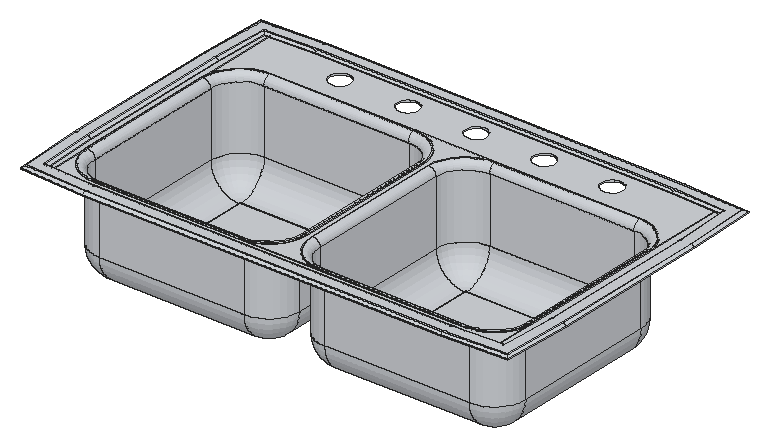
Revit family "LRAD291860", category Plumbing Fixtures, Revit 2016
Family settings
  Part Type = Normal
  Round Connector Dimension = Use Diameter
  OmniClass Number = 23.45.05.14.14
  OmniClass Title = Sinks/Lavatories
  Work Plane-Based = No
  Always vertical = Yes
  Cut with Voids When Loaded = No
  Shared = No
  Room Calculation Point = No
Parameters (values of type "LRAD2918605")
  URL = "www.elkayusa.com"
  Specification Sheet URL = "http://www.elkayusa.com/cps/rde/xbcr/elkay/01-62H_LR(Q)_LRAD(Q)_Double_Bowl.pdf"
  Sink Width = 1' - 6"  # constant formula
  Sink Material = none
  Sink Length = 2' - 5"  # constant formula
  Sink Ledge Sides Width = 0' - 1 7/8"  # constant formula
  Sink Ledge Front Width = 0' - 1 3/4"  # constant formula
  Sink Ledge Back Width = 0' - 4 1/4"  # constant formula
  Sink Depth = 0' - 6"  # constant formula
  Sink Bowl Formula = ((Sink Length - Sink Ledge Sides Width - Sink Ledge Sides Width - Partition Width) / 2)  # 1' - 0"
  Partition Width = 0' - 1 1/4"  # constant formula
  Model = "LR3321"
  Minimum Cabinet Width = "33\""
  Manufacturer = "Elkay Manufacturing"
  Installation Sheet URL = "http://www.elkayusa.com/cps/rde/xbcr/elkay/74180147.pdf"
  Hole 5 Top = 0' - 2"
  Hole 4 Top = 0' - 2"
  Hole 3 Top = 0' - 2"
  Hole 2 Top = 0' - 2"
  Hole 1 to 6 = 1' - 6"
  Hole 1 to 8 = 2' - 0"
  Hole 1 to 7 = 1' - 9"
  Hole 1 to 5 = 1' - 4"
  Hole 1 to 4 = 1' - 0"
  Hole 1 to 3 = 0' - 8"
  Hole 1 to 2 = 0' - 4"
  Hole 1 from CL = 0' - 8"
  Hole 1 Top = 0' - 2"
  Faucet Hole CL = 0' - 2 1/4"  # constant formula
  Drain Location = 0' - 6"  # constant formula
  Description = "Lustertone Double Bowl Sink"
  Deep Specification Sheet URL = "http://www.elkayusa.com/cps/rde/xbcr/elkay/01-19G_DLR(Q)_Double_Bowl.pdf"
  Custom Bowl = no
  Custom Bowl Length = ((Sink Length - Sink Ledge Sides Width - Sink Ledge Sides Width - Partition Width) / 2) - CL Sink to CL Partition  # 1' - 0"
  CL Sink to CL Partition = 0' - 0"
  Bowl Length = ((Sink Length - Sink Ledge Sides Width - Sink Ledge Sides Width - Partition Width) / 2)  # 1' - 0"
  Left Bowl Length = if(Custom Bowl, Custom Bowl Length, Sink Bowl Formula)  # 1' - 0"
  2D Hole 5 = Hole 5 Top = 0' 2"  # yes
  2D Hole 4 = Hole 4 Top = 0' 2"  # yes
  2D Hole 3 = Hole 3 Top = 0' 2"  # yes
  2D Hole 2 = Hole 2 Top = 0' 2"  # yes
  2D Hole 1 = Hole 1 Top = 0' 2"  # yes
Types (6): name | Hole 5 Top | Hole 4 Top | Hole 3 Top | Hole 2 Top | Hole 1 to 5 | Hole 1 from CL | 2D Hole 5 | 2D Hole 4 | 2D Hole 3 | 2D Hole 2
  LRAD2918605 | 0' - 2" | 0' - 2" | 0' - 2" | 0' - 2" | 1' - 4" | 0' - 8" | yes | yes | yes | yes
  LRAD2918604 | 0' - 1 1/2" | 0' - 2" | 0' - 2" | 0' - 2" | 1' - 3" | 0' - 4" | no | yes | yes | yes
  LRAD2918603 | 0' - 1 1/2" | 0' - 1 1/2" | 0' - 2" | 0' - 2" | 1' - 3" | 0' - 4" | no | no | yes | yes
  LRAD291860MR2 | 0' - 1 1/2" | 0' - 1 1/2" | 0' - 1 1/2" | 0' - 2" | 1' - 3" | 0' - 0" | no | no | no | yes
  LRAD2918602 | 0' - 1 1/2" | 0' - 1 1/2" | 0' - 1 1/2" | 0' - 2" | 1' - 3" | 0' - 2" | no | no | no | yes
  LRAD2918601 | 0' - 1 1/2" | 0' - 1 1/2" | 0' - 1 1/2" | 0' - 1 1/2" | 1' - 3" | 0' - 0" | no | no | no | no
Reference planes (in)
  plane 1 "CL Sink Hole": y = 0
  plane 2 "Rim Top Outside Corner": z = 0.0015695
  plane 3 "Center (Left/Right)": x = 0
  plane 4 "Basin Edge Left": x = -12.625
  plane 5 "Basin Edge Right": x = 12.625
  plane 6 "Basin Edge Back": y = 6
  plane 7 "Basin Edge Front": y = -6
  plane 8 "Left": x = -14.5
  plane 9 "Right": x = 14.5
  plane 10 "Back": y = 10.25
  plane 11 "Front": y = -7.75
  plane 12 "Sink Angle Back Corner": y = 10.0792275
  plane 13 "Sink Angle Right Corner": x = 14.3267866
  plane 14 "Sink Angle Right": x = 10.5172067
  plane 15 "Sink Angle Back": y = 5.9648437
  plane 16 "Sink Angle Left": x = -10.515625
  plane 17 "Sink Angle Left Corner": x = -14.328125
  plane 18 "Sink Angle Front Corner": y = -7.578125
  plane 19 "Sink Angle Front": y = -3.4648438
  plane 20 "Sink Top Face Back Edge": y = 9.2219509
  plane 21 "Sink Top Face Front Edge": y = -6.7226563
  plane 22 "Sink Top Face Right Edge": x = 13.0976563
  plane 23 "Sink Top Face Left Edge": x = -13.0976563
  plane 24 "Sink Bowl Bottom (Top Face)": z = -5.8945312
  plane 25 "Faucet CL": y = 8
  plane 26 "Sink Top Piece Top Face": z = -0.0194305
  plane 27 "Sink Top Piece Bottom Face": z = -0.0819305
  plane 28 "Left Sink Bottom Piece Right Edge": x = -2.3125
  plane 29 "Top Void for Radius Back Edge": y = 3.5
  plane 30 "back ledge void radius": y = 6.4921875
  plane 31 "front ledge void radius": y = -6.4921875
  plane 32 "Top Radius Corner Prot": z = -0.4405305
  plane 33: z = -4.2070312
  plane 34 "Sink Bowl Bottom (Bottom Face)": z = -5.9570312
  plane 35 "Left Sink Bottom Piece Left Edge": x = -10.9375
  plane 36 "Sink Bottom Piece Right Edge": x = 10.9375
  plane 37 "Sink Bottom Piece Back Edge": y = 4.3125
  plane 38 "Sink Bottom Piece Front Edge": y = -4.3125
  plane 39 "Top Void for Radius Front Edge": y = -3
  plane 40 "Sink Top Locked Edge Right": x = 13.5625
  plane 41 "Sink Top Locked Edge Left": x = -13.5625
  plane 42 "Hole 1": x = -8
  plane 43 "Hole 2": x = -4
  plane 44 "Hole 3": x = 0
  plane 45 "Hole 4": x = 4
  plane 46 "Hole 5": x = 8
  plane 47 "Faucet Hole Void Bottoms": z = -1.9984305
  plane 48 "Hole 1 Top": z = 0.0015695
  plane 49 "Hole 2 Top": z = 0.0015695
  plane 50 "Hole 3 Top": z = 0.0015695
  plane 51 "Hole 4 Top": z = 0.0015695
  plane 52 "Hole 5 Top": z = 0.0015695
  plane 53 "Top": z = 0.1054687
  plane 54 "Insertion Plan for Sink - Bottom Outside Corner of Rim": z = -0.0524008
  plane 55 "Center (Front/Back)": y = 0
  plane 56 "CL PARTITION": x = 0
  plane 57 "LEFT BOWL RIGHT EDGE": x = -0.625
  plane 58 "RIGHT BOWL LEFT EDGE": x = 0.625
  plane 59 "Sink Bottom Piece Left Edge": x = 2.3125
  plane 60 "Left Bowl CL Drain": x = -6.625
  plane 61 "Right Bowl CL Drain": x = 6.625
  plane 62 "Left Partition Left Edge": x = -0.1328125
  plane 63 "Left Partition Right Edge": x = 0.1328125
Forms (in)
  Sweep 1, solid, material <- "Sink Material"
    path origin (0, 0, 0) x (1, 0, 0) y (0, 1, 0)
      loop
        line (10.5172067, 10.25) -> (-10.515625, 10.25) -> (-14.328125, 10.0792275) -> (-14.5, 5.9648437) -> (-14.5, -3.4648438) -> (-14.328125, -7.578125) -> (-10.515625, -7.75) -> (10.5172067, -7.75) -> (14.3267866, -7.578125) -> (14.5, -3.4648438) -> (14.5, 5.9648437) -> (14.3267866, 10.0792275) -> (10.5172067, 10.25)
    profile "profile-elkay-sink-rim-1 : profile-elkay-sink-rim-1" origin (0.0007909, 10.25, 0) x (0, -1, 0) y (0, 0, 1)
      loop
        line (0, 0) -> (0, -0.0524008) -> (0.2039181, 0.0577989) -> (0.8052651, 0.0577989) -> (1.0074493, -0.0709913) -> (1.0074493, -0.0163327) -> (0.841093, 0.0896347)
        arc (0.841093, 0.0896347) -> (0.8176388, 0.1002604) -> (0.7921483, 0.1038992) r 0.091102
        line (0.7921483, 0.1038992) -> (0.2153023, 0.1038992)
        arc (0.2153023, 0.1038992) -> (0.1929626, 0.1011179) -> (0.1719868, 0.0929438) r 0.0911081
        line (0.1719868, 0.0929438) -> (0, 0)
  Extrusion 2, solid, material <- "Sink Material"
    sketch origin (0, 0, 0) x (1, 0, 0) y (0, 1, 0)
      loop
        line (-13.0976563, 9.2219509) -> (-13.0976563, 3.5) -> (13.0976563, 3.5) -> (13.0976563, 9.2219509) -> (-13.0976563, 9.2219509)
    from -0.0819305 to -0.0194305
  Extrusion 3, void
    sketch origin (0, 0, 0) x (1, 0, 0) y (0, 1, 0)
      loop
        line (13.0976563, 3.5) -> (13.0976563, 4.1441505)
        arc (13.0976563, 4.1441505) -> (12.4099322, 5.8044634) -> (10.7496193, 6.4921875) r 2.348037
        line (10.7496193, 6.4921875) -> (-10.75, 6.4921875)
        arc (-10.75, 6.4921875) -> (-12.4100437, 5.8045749) -> (-13.0976563, 4.1445312) r 2.3476562
        line (-13.0976563, 4.1445312) -> (-13.0976563, 3.5) -> (13.0976563, 3.5)
    from -0.7469965 to 0.495879
  Extrusion 4, solid, material <- "Sink Material"
    sketch origin (0, 0, 0) x (1, 0, 0) y (0, 1, 0)
      loop
        line (-13.0976563, -3.4648438) -> (-13.0976563, -6.7226563) -> (13.0976563, -6.7226563) -> (13.0976563, -3.4648438) -> (-13.0976563, -3.4648438)
    from -0.0819305 to -0.0194305
  Extrusion 5, void
    sketch origin (0, 0, 0) x (1, 0, 0) y (0, 1, 0)
      loop
        line (-13.0976563, -3) -> (-13.0976563, -4.2107599)
        arc (-13.0976563, -4.2107599) -> (-12.4294416, -5.8239728) -> (-10.8162287, -6.4921875) r 2.2814276
        line (-10.8162287, -6.4921875) -> (10.8164063, -6.4921875)
        arc (10.8164063, -6.4921875) -> (12.4294936, -5.8240248) -> (13.0976563, -4.2109375) r 2.28125
        line (13.0976563, -4.2109375) -> (13.0976563, -3) -> (-13.0976563, -3)
    from -1.9984305 to 0.6466859
  Extrusion 6, solid, material <- "Sink Material"
    sketch origin (0, 0, 0) x (1, 0, 0) y (0, 1, 0)
      loop
        line (-13.5625, 9.2219509) -> (-13.5625, -6.7226563) -> (-13.0976563, -6.7226563) -> (-13.0976563, 9.2219509) -> (-13.5625, 9.2219509)
    from -0.0819305 to -0.0194305
  Extrusion 7, solid, material <- "Sink Material"
    sketch origin (0, 0, 0) x (1, 0, 0) y (0, 1, 0)
      loop
        line (13.0976563, 9.2219509) -> (13.0976563, -6.7226563) -> (13.5625, -6.7226563) -> (13.5625, 9.2219509) -> (13.0976563, 9.2219509)
    from -0.0819305 to -0.0194305
  Sweep 8, solid, material <- "Sink Material"
    path origin (-14.75, 0, -0.0194305) x (-1, 0, 0) y (0, -1, 0)
      loop
        line (-12.375, -6) -> (-3.875, -6)
        arc (-3.875, -6) -> (-2.6375631, -5.4874369) -> (-2.125, -4.25) r 1.75
        line (-2.125, -4.25) -> (-2.125, 4.25)
        arc (-2.125, 4.25) -> (-2.6375631, 5.4874369) -> (-3.875, 6) r 1.75
        line (-3.875, 6) -> (-12.375, 6)
        arc (-12.375, 6) -> (-13.6124369, 5.4874369) -> (-14.125, 4.25) r 1.75
        line (-14.125, 4.25) -> (-14.125, -4.25)
        arc (-14.125, -4.25) -> (-13.6124369, -5.4874369) -> (-12.375, -6) r 1.75
    profile "profile-elkay-sink-top corner : profile-elkay-sink-top corner" origin (-6.625, 6, -0.0194305) x (0, -1, 0) y (0, 0, 1)
      loop
        line (-0.4204811, 0) -> (-0.4921875, 0) -> (-0.4921875, -0.0461) -> (-0.4204811, -0.0461)
        arc (-0.4204811, -0.0461) -> (-0.1553161, -0.155935) -> (-0.0454811, -0.4211) r 0.375
        line (-0.0454811, -0.4211) -> (0.0006189, -0.4211)
        arc (0.0006189, -0.4211) -> (-0.1227185, -0.1233373) -> (-0.4204811, 0) r 0.4211
  Sweep 9, solid, material <- "Sink Material"
    path origin (-14.75, 0, -5.8945312) x (-1, 0, 0) y (0, -1, 0)
      loop
        line (-2.125, -4.25) -> (-2.125, 4.25)
        arc (-2.125, 4.25) -> (-2.6375631, 5.4874369) -> (-3.875, 6) r 1.75
        line (-3.875, 6) -> (-12.375, 6)
        arc (-12.375, 6) -> (-13.6124369, 5.4874369) -> (-14.125, 4.25) r 1.75
        line (-14.125, 4.25) -> (-14.125, -4.25)
        arc (-14.125, -4.25) -> (-13.6124369, -5.4874369) -> (-12.375, -6) r 1.75
        line (-12.375, -6) -> (-3.875, -6)
        arc (-3.875, -6) -> (-2.6375631, -5.4874369) -> (-2.125, -4.25) r 1.75
    profile "profile-elkay-sink-btm-crnr_1-6875 : profile-elkay-sink-btm-crnr_1-6875" origin (-12.625, 0, -5.8945312) x (1, 0, 0) y (0, 0, 1)
      loop
        line (1.6875, -0.0625) -> (1.6875, 0)
        arc (1.6875, 0) -> (0.4942573, 0.4942573) -> (0, 1.6875) r 1.6875
        line (0, 1.6875) -> (-0.0625, 1.6875)
        arc (-0.0625, 1.6875) -> (0.4500631, 0.4500631) -> (1.6875, -0.0625) r 1.75
  Extrusion 10, solid, material <- "Sink Material"
    sketch origin (0, 0, 0) x (1, 0, 0) y (0, 1, 0)
      loop
        line (-10.9375, 4.3125) -> (-10.9375, -4.3125) -> (-2.3125, -4.3125) -> (-2.3125, 4.3125) -> (-10.9375, 4.3125)
    from -5.9570312 to -5.8945312
  Extrusion 11, solid, material <- "Sink Material"
    sketch origin (-14.75, 0, 0) x (1, 0, 0) y (0, 1, 0)
      loop
        arc (3.875, 6) -> (2.6375631, 5.4874369) -> (2.125, 4.25) r 1.75
        line (2.125, 4.25) -> (2.125, -4.25)
        arc (2.125, -4.25) -> (2.6375631, -5.4874369) -> (3.875, -6) r 1.75
        line (3.875, -6) -> (12.375, -6)
        arc (12.375, -6) -> (13.6124369, -5.4874369) -> (14.125, -4.25) r 1.75
        line (14.125, -4.25) -> (14.125, 4.25)
        arc (14.125, 4.25) -> (13.6124369, 5.4874369) -> (12.375, 6) r 1.75
        line (12.375, 6) -> (3.875, 6)
      loop
        arc (3.875, 6.0625) -> (2.593369, 5.531631) -> (2.0625, 4.25) r 1.8125
        line (2.0625, 4.25) -> (2.0625, -4.25)
        arc (2.0625, -4.25) -> (2.593369, -5.531631) -> (3.875, -6.0625) r 1.8125
        line (3.875, -6.0625) -> (12.375, -6.0625)
        arc (12.375, -6.0625) -> (13.656631, -5.531631) -> (14.1875, -4.25) r 1.8125
        line (14.1875, -4.25) -> (14.1875, 4.25)
        arc (14.1875, 4.25) -> (13.656631, 5.531631) -> (12.375, 6.0625) r 1.8125
        line (12.375, 6.0625) -> (3.875, 6.0625)
    from -4.2070312 to -0.4405305
  Extrusion 12, void
    sketch origin (0, 0, 0) x (1, 0, 0) y (0, 1, 0)
      loop
        circle (-6.625, 0) r 2.5
    from -5.9570312 to -5.8320312
  Sweep 13, solid, material <- "Sink Material"
    path origin (-14.75, 0, -5.8945312) x (-1, 0, 0) y (0, -1, 0)
      loop
        circle (-8.125, 0) r 2.501635
    profile "profile-elkay-sink-hole-1 : profile-elkay-sink-hole-1" origin (-6.625, -2.501635, -5.8945312) x (0, 1, 0) y (0, 0, 1)
      loop
        line (0.5785343, -0.3269365) -> (0.1564602, -0.1343744)
        arc (0.1564602, -0.1343744) -> (0.1424945, -0.125589) -> (0.1313144, -0.1134552) r 0.0625
        line (0.1313144, -0.1134552) -> (0.0881719, -0.0522605)
        arc (0.0881719, -0.0522605) -> (0.0506391, -0.015074) -> (0, 0) r 0.1086
        line (0, 0) -> (0, -0.0461763)
        arc (0, -0.0461763) -> (0.0262058, -0.0541921) -> (0.0464633, -0.0726482) r 0.0625
        line (0.0464633, -0.0726482) -> (0.093406, -0.1396891)
        arc (0.093406, -0.1396891) -> (0.1129384, -0.1609677) -> (0.1373891, -0.176345) r 0.1086
        line (0.1373891, -0.176345) -> (0.5785343, -0.3776079) -> (0.5785343, -0.3269365)
  Sweep 14, solid, material <- "Sink Material"
    path origin (14.75, 0, -0.0194305) x (-1, 0, 0) y (0, -1, 0)
      loop
        line (3.875, -6) -> (12.375, -6)
        arc (12.375, -6) -> (13.6124369, -5.4874369) -> (14.125, -4.25) r 1.75
        line (14.125, -4.25) -> (14.125, 4.25)
        arc (14.125, 4.25) -> (13.6124369, 5.4874369) -> (12.375, 6) r 1.75
        line (12.375, 6) -> (3.875, 6)
        arc (3.875, 6) -> (2.6375631, 5.4874369) -> (2.125, 4.25) r 1.75
        line (2.125, 4.25) -> (2.125, -4.25)
        arc (2.125, -4.25) -> (2.6375631, -5.4874369) -> (3.875, -6) r 1.75
    profile "profile-elkay-sink-top corner : profile-elkay-sink-top corner" origin (6.625, 6, -0.0194305) x (0, -1, 0) y (0, 0, 1)
      loop
        line (-0.4204811, 0) -> (-0.4921875, 0) -> (-0.4921875, -0.0461) -> (-0.4204811, -0.0461)
        arc (-0.4204811, -0.0461) -> (-0.1553161, -0.155935) -> (-0.0454811, -0.4211) r 0.375
        line (-0.0454811, -0.4211) -> (0.0006189, -0.4211)
        arc (0.0006189, -0.4211) -> (-0.1227185, -0.1233373) -> (-0.4204811, 0) r 0.4211
  Sweep 15, solid, material <- "Sink Material"
    path origin (14.75, 0, -5.8945312) x (-1, 0, 0) y (0, -1, 0)
      loop
        line (14.125, -4.25) -> (14.125, 4.25)
        arc (14.125, 4.25) -> (13.6124369, 5.4874369) -> (12.375, 6) r 1.75
        line (12.375, 6) -> (3.875, 6)
        arc (3.875, 6) -> (2.6375631, 5.4874369) -> (2.125, 4.25) r 1.75
        line (2.125, 4.25) -> (2.125, -4.25)
        arc (2.125, -4.25) -> (2.6375631, -5.4874369) -> (3.875, -6) r 1.75
        line (3.875, -6) -> (12.375, -6)
        arc (12.375, -6) -> (13.6124369, -5.4874369) -> (14.125, -4.25) r 1.75
    profile "profile-elkay-sink-btm-crnr_1-6875 : profile-elkay-sink-btm-crnr_1-6875" origin (0.625, 0, -5.8945312) x (1, 0, 0) y (0, 0, 1)
      loop
        line (1.6875, -0.0625) -> (1.6875, 0)
        arc (1.6875, 0) -> (0.4942573, 0.4942573) -> (0, 1.6875) r 1.6875
        line (0, 1.6875) -> (-0.0625, 1.6875)
        arc (-0.0625, 1.6875) -> (0.4500631, 0.4500631) -> (1.6875, -0.0625) r 1.75
  Extrusion 16, solid, material <- "Sink Material"
    sketch origin (14.75, 0, 0) x (1, 0, 0) y (0, 1, 0)
      loop
        arc (-12.375, 6) -> (-13.6124369, 5.4874369) -> (-14.125, 4.25) r 1.75
        line (-14.125, 4.25) -> (-14.125, -4.25)
        arc (-14.125, -4.25) -> (-13.6124369, -5.4874369) -> (-12.375, -6) r 1.75
        line (-12.375, -6) -> (-3.875, -6)
        arc (-3.875, -6) -> (-2.6375631, -5.4874369) -> (-2.125, -4.25) r 1.75
        line (-2.125, -4.25) -> (-2.125, 4.25)
        arc (-2.125, 4.25) -> (-2.6375631, 5.4874369) -> (-3.875, 6) r 1.75
        line (-3.875, 6) -> (-12.375, 6)
      loop
        arc (-12.375, 6.0625) -> (-13.656631, 5.531631) -> (-14.1875, 4.25) r 1.8125
        line (-14.1875, 4.25) -> (-14.1875, -4.25)
        arc (-14.1875, -4.25) -> (-13.656631, -5.531631) -> (-12.375, -6.0625) r 1.8125
        line (-12.375, -6.0625) -> (-3.875, -6.0625)
        arc (-3.875, -6.0625) -> (-2.593369, -5.531631) -> (-2.0625, -4.25) r 1.8125
        line (-2.0625, -4.25) -> (-2.0625, 4.25)
        arc (-2.0625, 4.25) -> (-2.593369, 5.531631) -> (-3.875, 6.0625) r 1.8125
        line (-3.875, 6.0625) -> (-12.375, 6.0625)
    from -4.2070312 to -0.4405305
  Extrusion 17, solid, material <- "Sink Material"
    sketch origin (0, 0, 0) x (1, 0, 0) y (0, 1, 0)
      loop
        line (2.3125, 4.3125) -> (2.3125, -4.3125) -> (10.9375, -4.3125) -> (10.9375, 4.3125) -> (2.3125, 4.3125)
    from -5.9570312 to -5.8945312
  Extrusion 18, void
    sketch origin (0, 0, 0) x (1, 0, 0) y (0, 1, 0)
      loop
        circle (6.625, 0) r 2.5
    from -5.9570312 to -4.2070312
  Sweep 19, solid, material <- "Sink Material"
    path origin (14.75, 0, -5.8945312) x (-1, 0, 0) y (0, -1, 0)
      loop
        circle (8.125, 0) r 2.501635
    profile "profile-elkay-sink-hole-1 : profile-elkay-sink-hole-1" origin (6.625, -2.501635, -5.8945312) x (0, 1, 0) y (0, 0, 1)
      loop
        line (0.5785343, -0.3269365) -> (0.1564602, -0.1343744)
        arc (0.1564602, -0.1343744) -> (0.1424945, -0.125589) -> (0.1313144, -0.1134552) r 0.0625
        line (0.1313144, -0.1134552) -> (0.0881719, -0.0522605)
        arc (0.0881719, -0.0522605) -> (0.0506391, -0.015074) -> (0, 0) r 0.1086
        line (0, 0) -> (0, -0.0461763)
        arc (0, -0.0461763) -> (0.0262058, -0.0541921) -> (0.0464633, -0.0726482) r 0.0625
        line (0.0464633, -0.0726482) -> (0.093406, -0.1396891)
        arc (0.093406, -0.1396891) -> (0.1129384, -0.1609677) -> (0.1373891, -0.176345) r 0.1086
        line (0.1373891, -0.176345) -> (0.5785343, -0.3776079) -> (0.5785343, -0.3269365)
  Extrusion 20, void
    sketch origin (0, 0, 0) x (1, 0, 0) y (0, 1, 0)
      loop
        circle (-8, 8) r 0.625
    from -1.9984305 to 0.0015695
  Extrusion 21, void
    sketch origin (0, 0, 0) x (1, 0, 0) y (0, 1, 0)
      loop
        circle (-4, 8) r 0.625
    from -1.9984305 to 0.0015695
  Extrusion 22, void
    sketch origin (0, 0, 0) x (1, 0, 0) y (0, 1, 0)
      loop
        circle (0, 8) r 0.625
    from -1.9984305 to 0.0015695
  Extrusion 23, void
    sketch origin (0, 0, 0) x (1, 0, 0) y (0, 1, 0)
      loop
        circle (4, 8) r 0.625
    from -1.9984305 to 0.0015695
  Extrusion 24, void
    sketch origin (0, 0, 0) x (1, 0, 0) y (0, 1, 0)
      loop
        circle (8, 8) r 0.625
    from -1.9984305 to 0.0015695
  Extrusion 25, solid, material <- "Sink Material"
    sketch origin (0, 0, 0) x (1, 0, 0) y (0, 1, 0)
      loop
        arc (-2.375, 6.4921875) -> (-0.789534, 5.835466) -> (-0.1328125, 4.25) r 2.2421875
        line (-0.1328125, 4.25) -> (-0.1328125, -4.25)
        arc (-0.1328125, -4.25) -> (-0.789534, -5.835466) -> (-2.375, -6.4921875) r 2.2421875
        line (-2.375, -6.4921875) -> (2.375, -6.4921875)
        arc (2.375, -6.4921875) -> (0.789534, -5.835466) -> (0.1328125, -4.25) r 2.2421875
        line (0.1328125, -4.25) -> (0.1328125, 4.25)
        arc (0.1328125, 4.25) -> (0.789534, 5.835466) -> (2.375, 6.4921875) r 2.2421875
        line (2.375, 6.4921875) -> (-2.375, 6.4921875)
    from -0.0819305 to -0.0194305
Cuts and joins
  Extrusion 3, Extrusion 12, Extrusion 18, Extrusion 20, Extrusion 21, Extrusion 22, Extrusion 23, Extrusion 24 cuts Sweep 1
  Extrusion 3, Extrusion 20, Extrusion 21, Extrusion 22, Extrusion 23, Extrusion 24 cuts Extrusion 2
  Extrusion 5 cuts Extrusion 4
  Extrusion 12 cuts Extrusion 10
  Extrusion 18 cuts Extrusion 17
Lines and regions (in)
  reference lines
    curve 1: line (10.5172067, 10.25, 0) -> (14.3267866, 10.0792275, 0)
    curve 2: line (14.3267866, 10.0792275, 0) -> (14.5, 5.9648437, 0)
    curve 3: line (-10.515625, 10.25, 0) -> (-14.328125, 10.0792275, 0)
    curve 4: line (-14.328125, 10.0792275, 0) -> (-14.5, 5.9648437, 0)
    curve 5: line (-14.5, -3.4648438, 0) -> (-14.328125, -7.578125, 0)
    curve 6: line (-14.328125, -7.578125, 0) -> (-10.515625, -7.75, 0)
    curve 7: line (14.5, -3.4648438, 0) -> (14.3267866, -7.578125, 0)
    curve 8: line (14.3267866, -7.578125, 0) -> (10.5172067, -7.75, 0)
Dimensions and locks (in)
  "Sink Ledge Sides Width": plane 8 "Left" to plane 4 "Basin Edge Left"
  "Sink Ledge Sides Width": plane 5 "Basin Edge Right" to plane 9 "Right"
  "Sink Length": plane 8 "Left" to plane 9 "Right"
  "Drain Location": plane 6 "Basin Edge Back" to plane 1 "CL Sink Hole"
  "Sink Ledge Back Width": plane 10 "Back" to plane 6 "Basin Edge Back"
  "Sink Ledge Front Width": plane 7 "Basin Edge Front" to plane 11 "Front"
  locked: plane 13 "Sink Angle Right Corner" to plane 9 "Right" at 0.1732134
  locked: plane 10 "Back" to plane 12 "Sink Angle Back Corner" at 0.1707725
  locked: plane 14 "Sink Angle Right" to plane 9 "Right" at 3.9827933
  locked: plane 10 "Back" to plane 15 "Sink Angle Back" at 4.2851562
  locked: plane 8 "Left" to plane 17 "Sink Angle Left Corner" at 0.171875
  locked: plane 8 "Left" to plane 16 "Sink Angle Left" at 3.984375
  locked: plane 18 "Sink Angle Front Corner" to plane 11 "Front" at 0.171875
  locked: plane 19 "Sink Angle Front" to plane 11 "Front" at 4.2851562
  "Sink Width": plane 10 "Back" to plane 11 "Front"
  locked: plane 10 "Back" to plane 20 "Sink Top Face Back Edge" at 1.0280491
  locked: plane 21 "Sink Top Face Front Edge" to plane 11 "Front" at 1.0273438
  locked: plane 23 "Sink Top Face Left Edge" to plane 4 "Basin Edge Left" at 0.4726562
  "Sink Depth": plane 53 "Top" to plane 24 "Sink Bowl Bottom (Top Face)"
  "Faucet Hole CL": plane 10 "Back" to plane 25 "Faucet CL"
  locked: plane 2 "Rim Top Outside Corner" to plane 26 "Sink Top Piece Top Face" at 0.021
  locked: plane 26 "Sink Top Piece Top Face" to plane 27 "Sink Top Piece Bottom Face" at 0.0625
  locked: plane 6 "Basin Edge Back" to plane 29 "Top Void for Radius Back Edge" at 2.5
  locked: plane 30 "back ledge void radius" to plane 29 "Top Void for Radius Back Edge" at 2.9921875
  locked: plane 39 "Top Void for Radius Front Edge" to plane 31 "front ledge void radius" at 3.4921875
  locked: plane 2 "Rim Top Outside Corner" to plane 32 "Top Radius Corner Prot" at 0.4421
  locked: plane 33 to plane 24 "Sink Bowl Bottom (Top Face)" at 1.6875
  locked: plane 24 "Sink Bowl Bottom (Top Face)" to plane 34 "Sink Bowl Bottom (Bottom Face)" at 0.0625
  locked: plane 38 "Sink Bottom Piece Front Edge" to plane 7 "Basin Edge Front" at 1.6875
  locked: plane 4 "Basin Edge Left" to plane 35 "Left Sink Bottom Piece Left Edge" at 1.6875
  locked: plane 36 "Sink Bottom Piece Right Edge" to plane 5 "Basin Edge Right" at 1.6875
  locked: plane 6 "Basin Edge Back" to plane 37 "Sink Bottom Piece Back Edge" at 1.6875
  locked: plane 39 "Top Void for Radius Front Edge" to plane 7 "Basin Edge Front" at 3
  locked: plane 5 "Basin Edge Right" to plane 22 "Sink Top Face Right Edge" at 0.4726562
  locked: Extrusion 3 sketch curve to plane 5 "Basin Edge Right" at 1.8753807
  locked: plane 6 "Basin Edge Back" to Extrusion 3 sketch curve at 1.8558495
  locked: plane 4 "Basin Edge Left" to Extrusion 3 sketch curve at 1.875
  locked: plane 6 "Basin Edge Back" to Extrusion 3 sketch curve at 1.8554688
  locked: plane 4 "Basin Edge Left" to Extrusion 5 sketch curve at 1.8087713
  locked: Extrusion 5 sketch curve to plane 5 "Basin Edge Right" at 1.8085938
  locked: Extrusion 5 sketch curve to plane 7 "Basin Edge Front" at 1.7892401
  locked: Extrusion 5 sketch curve to plane 7 "Basin Edge Front" at 1.7890625
  locked: plane 40 "Sink Top Locked Edge Right" to plane 9 "Right" at 0.9375
  locked: plane 8 "Left" to plane 41 "Sink Top Locked Edge Left" at 0.9375
  "Hole 1 from CL": plane 42 "Hole 1" to plane 3 "Center (Left/Right)"
  "Hole 1 to 2": plane 42 "Hole 1" to plane 43 "Hole 2"
  "Hole 1 to 3": plane 42 "Hole 1" to plane 44 "Hole 3"
  "Hole 1 to 4": plane 42 "Hole 1" to plane 45 "Hole 4"
  "Hole 1 to 5": plane 42 "Hole 1" to plane 46 "Hole 5"
  locked: plane 2 "Rim Top Outside Corner" to plane 47 "Faucet Hole Void Bottoms" at 2
  "Hole 1 Top": plane 48 "Hole 1 Top" to plane 47 "Faucet Hole Void Bottoms"
  "Hole 2 Top": plane 49 "Hole 2 Top" to plane 47 "Faucet Hole Void Bottoms"
  "Hole 3 Top": plane 50 "Hole 3 Top" to plane 47 "Faucet Hole Void Bottoms"
  "Hole 4 Top": plane 51 "Hole 4 Top" to plane 47 "Faucet Hole Void Bottoms"
  "Hole 5 Top": plane 52 "Hole 5 Top" to plane 47 "Faucet Hole Void Bottoms"
  locked: plane 53 "Top" to plane 2 "Rim Top Outside Corner" at 0.1038992
  locked: plane 53 "Top" to plane 54 "Insertion Plan for Sink - Bottom Outside Corner of Rim" at 0.1578695
  equal spacing: plane 6 "Basin Edge Back", plane 55 "Center (Front/Back)", plane 7 "Basin Edge Front"
  locked: plane 28 "Left Sink Bottom Piece Right Edge" to plane 57 "LEFT BOWL RIGHT EDGE" at 1.6875
  locked: plane 58 "RIGHT BOWL LEFT EDGE" to plane 59 "Sink Bottom Piece Left Edge" at 1.6875
  locked: plane 6 "Basin Edge Back" to Sweep 8 sketch curve at 1.75  (x2)
  locked: plane 4 "Basin Edge Left" to Sweep 8 sketch curve at 1.75  (x2)
  locked: Sweep 8 sketch curve to plane 57 "LEFT BOWL RIGHT EDGE" at 1.75  (x2)
  locked: Sweep 8 sketch curve to plane 7 "Basin Edge Front" at 1.75  (x2)
  equal spacing: plane 8 "Left", plane 3 "Center (Left/Right)", plane 9 "Right"
  equal spacing: plane 4 "Basin Edge Left", plane 60 "Left Bowl CL Drain", plane 57 "LEFT BOWL RIGHT EDGE"
  equal spacing: plane 58 "RIGHT BOWL LEFT EDGE", plane 61 "Right Bowl CL Drain", plane 5 "Basin Edge Right"
  locked: plane 4 "Basin Edge Left" to Sweep 9 sketch curve at 1.75  (x2)
  locked: Sweep 9 sketch curve to plane 57 "LEFT BOWL RIGHT EDGE" at 1.75  (x2)
  locked: plane 6 "Basin Edge Back" to Sweep 9 sketch curve at 1.75  (x2)
  locked: Sweep 9 sketch curve to plane 7 "Basin Edge Front" at 1.75  (x2)
  locked: plane 6 "Basin Edge Back" to Extrusion 11 sketch curve at 1.75  (x2)
  locked: plane 4 "Basin Edge Left" to Extrusion 11 sketch curve at 1.75  (x2)
  locked: Extrusion 11 sketch curve to plane 57 "LEFT BOWL RIGHT EDGE" at 1.75  (x2)
  locked: Extrusion 11 sketch curve to plane 7 "Basin Edge Front" at 1.75  (x2)
  locked: plane 58 "RIGHT BOWL LEFT EDGE" to Sweep 14 sketch curve at 1.75  (x2)
  locked: Sweep 14 sketch curve to plane 5 "Basin Edge Right" at 1.75  (x2)
  locked: plane 6 "Basin Edge Back" to Sweep 14 sketch curve at 1.75  (x2)
  locked: Sweep 14 sketch curve to plane 7 "Basin Edge Front" at 1.75  (x2)
  locked: Sweep 15 sketch curve to plane 5 "Basin Edge Right" at 1.75  (x2)
  locked: Sweep 15 sketch curve to plane 7 "Basin Edge Front" at 1.75  (x2)
  locked: plane 58 "RIGHT BOWL LEFT EDGE" to Sweep 15 sketch curve at 1.75  (x2)
  locked: plane 6 "Basin Edge Back" to Sweep 15 sketch curve at 1.75  (x2)
  locked: plane 58 "RIGHT BOWL LEFT EDGE" to Extrusion 16 sketch curve at 1.75  (x2)
  locked: Extrusion 16 sketch curve to plane 5 "Basin Edge Right" at 1.75  (x2)
  locked: Extrusion 16 sketch curve to plane 7 "Basin Edge Front" at 1.75  (x2)
  locked: plane 6 "Basin Edge Back" to Extrusion 16 sketch curve at 1.75  (x2)
  plane 8 "Left" to plane 42 "Hole 1" = 0' - 6 1/2"
  locked: Extrusion 25 sketch curve to plane 57 "LEFT BOWL RIGHT EDGE" at 1.75  (x2)
  locked: plane 6 "Basin Edge Back" to Extrusion 25 sketch curve at 1.75  (x2)
  locked: Extrusion 25 sketch curve to plane 31 "front ledge void radius" at 2.2421875  (x2)
  plane 62 "Left Partition Left Edge" to plane 56 "CL PARTITION" to plane 63 "Left Partition Right Edge" = 0' - 0 17/128" locked, 0' - 0 17/128" locked
  "CL Sink to CL Partition": plane 56 "CL PARTITION" to plane 3 "Center (Left/Right)"
  "Partition Width": plane 57 "LEFT BOWL RIGHT EDGE" to plane 58 "RIGHT BOWL LEFT EDGE"
  equal spacing: plane 57 "LEFT BOWL RIGHT EDGE", plane 56 "CL PARTITION", plane 58 "RIGHT BOWL LEFT EDGE"
  locked: plane 58 "RIGHT BOWL LEFT EDGE" to Extrusion 25 sketch curve at 1.75  (x2)
  aligned and locked: plane 9 "Right" to Sweep 1 sketch curve
  aligned and locked: plane 10 "Back" to Sweep 1 sketch curve
  aligned and locked: Sweep 1 sketch curve to plane 8 "Left"
  aligned and locked: Sweep 1 sketch curve to plane 11 "Front"
  aligned and locked: Sweep 1 sketch curve to curve 7
  aligned and locked: Sweep 1 sketch curve to curve 8
  aligned and locked: Sweep 1 sketch curve to curve 6
  aligned and locked: Sweep 1 sketch curve to curve 5
  aligned and locked: Sweep 1 sketch curve to curve 4
  aligned and locked: Sweep 1 sketch curve to curve 3
  aligned and locked: Sweep 1 sketch curve to curve 1
  aligned and locked: Sweep 1 sketch curve to curve 2
  aligned and locked: plane 29 "Top Void for Radius Back Edge" to Extrusion 2 sketch curve
  aligned and locked: plane 23 "Sink Top Face Left Edge" to Extrusion 2 sketch curve
  aligned and locked: Extrusion 2 sketch curve to plane 22 "Sink Top Face Right Edge"
  aligned and locked: Extrusion 2 sketch curve to plane 20 "Sink Top Face Back Edge"
  aligned and locked: Extrusion 2 to plane 27 "Sink Top Piece Bottom Face"
  aligned and locked: plane 23 "Sink Top Face Left Edge" to Extrusion 3 sketch curve
  aligned and locked: Extrusion 3 sketch curve to plane 22 "Sink Top Face Right Edge"
  aligned and locked: plane 29 "Top Void for Radius Back Edge" to Extrusion 3 sketch curve
  aligned and locked: plane 26 "Sink Top Piece Top Face" to Extrusion 2
  aligned and locked: plane 30 "back ledge void radius" to Extrusion 3 sketch curve
  aligned and locked: plane 23 "Sink Top Face Left Edge" to Extrusion 4 sketch curve
  aligned and locked: Extrusion 4 sketch curve to plane 19 "Sink Angle Front"
  aligned and locked: plane 21 "Sink Top Face Front Edge" to Extrusion 4 sketch curve
  aligned and locked: Extrusion 4 sketch curve to plane 22 "Sink Top Face Right Edge"
  aligned and locked: plane 26 "Sink Top Piece Top Face" to Extrusion 4
  aligned and locked: Extrusion 4 to plane 27 "Sink Top Piece Bottom Face"
  aligned and locked: Extrusion 5 sketch curve to plane 22 "Sink Top Face Right Edge"
  aligned and locked: plane 23 "Sink Top Face Left Edge" to Extrusion 5 sketch curve
  aligned and locked: plane 31 "front ledge void radius" to Extrusion 5 sketch curve
  aligned and locked: Extrusion 5 sketch curve to plane 39 "Top Void for Radius Front Edge"
  aligned and locked: plane 41 "Sink Top Locked Edge Left" to Extrusion 6 sketch curve
  aligned and locked: Extrusion 6 sketch curve to plane 23 "Sink Top Face Left Edge"
  aligned and locked: Extrusion 6 to plane 27 "Sink Top Piece Bottom Face"
  aligned and locked: plane 26 "Sink Top Piece Top Face" to Extrusion 6
  aligned and locked: plane 20 "Sink Top Face Back Edge" to Extrusion 6
  aligned and locked: Extrusion 6 to plane 21 "Sink Top Face Front Edge"
  aligned and locked: Extrusion 7 sketch curve to plane 20 "Sink Top Face Back Edge"
  aligned and locked: plane 22 "Sink Top Face Right Edge" to Extrusion 7 sketch curve
  aligned and locked: plane 21 "Sink Top Face Front Edge" to Extrusion 7 sketch curve
  aligned and locked: plane 40 "Sink Top Locked Edge Right" to Extrusion 7 sketch curve
  aligned and locked: plane 27 "Sink Top Piece Bottom Face" to Extrusion 7
  aligned and locked: plane 26 "Sink Top Piece Top Face" to Extrusion 7
  aligned and locked: Extrusion 5 to plane 47 "Faucet Hole Void Bottoms"
  aligned and locked: Sweep 8 sketch curve to plane 4 "Basin Edge Left"
  aligned and locked: Sweep 8 sketch curve to plane 57 "LEFT BOWL RIGHT EDGE"
  aligned and locked: Sweep 9 sketch curve to plane 57 "LEFT BOWL RIGHT EDGE"
  aligned and locked: Sweep 9 sketch curve to plane 6 "Basin Edge Back"
  aligned and locked: Sweep 9 sketch curve to plane 7 "Basin Edge Front"
  aligned and locked: plane 35 "Left Sink Bottom Piece Left Edge" to Extrusion 10 sketch curve
  aligned and locked: Extrusion 10 sketch curve to plane 28 "Left Sink Bottom Piece Right Edge"
  aligned and locked: plane 38 "Sink Bottom Piece Front Edge" to Extrusion 10 sketch curve
  aligned and locked: Extrusion 10 sketch curve to plane 37 "Sink Bottom Piece Back Edge"
  aligned and locked: Extrusion 10 to plane 34 "Sink Bowl Bottom (Bottom Face)"
  aligned and locked: plane 24 "Sink Bowl Bottom (Top Face)" to Extrusion 10
  aligned and locked: plane 4 "Basin Edge Left" to Extrusion 11 sketch curve
  aligned and locked: plane 7 "Basin Edge Front" to Extrusion 11 sketch curve
  aligned and locked: Extrusion 11 sketch curve to plane 57 "LEFT BOWL RIGHT EDGE"
  aligned and locked: Extrusion 11 sketch curve to plane 6 "Basin Edge Back"
  aligned and locked: plane 32 "Top Radius Corner Prot" to Extrusion 11
  aligned and locked: Extrusion 12 to plane 34 "Sink Bowl Bottom (Bottom Face)"
  aligned and locked: Sweep 14 sketch curve to plane 7 "Basin Edge Front"
  aligned and locked: Sweep 14 sketch curve to plane 5 "Basin Edge Right"
  aligned and locked: Sweep 14 sketch curve to plane 58 "RIGHT BOWL LEFT EDGE"
  aligned and locked: Sweep 15 sketch curve to plane 58 "RIGHT BOWL LEFT EDGE"
  aligned and locked: Sweep 15 sketch curve to plane 5 "Basin Edge Right"
  aligned and locked: Sweep 15 sketch curve to plane 7 "Basin Edge Front"
  aligned and locked: plane 32 "Top Radius Corner Prot" to Extrusion 16
  aligned and locked: plane 59 "Sink Bottom Piece Left Edge" to Extrusion 17 sketch curve
  aligned and locked: Extrusion 17 sketch curve to plane 36 "Sink Bottom Piece Right Edge"
  aligned and locked: plane 38 "Sink Bottom Piece Front Edge" to Extrusion 17 sketch curve
  aligned and locked: Extrusion 17 sketch curve to plane 37 "Sink Bottom Piece Back Edge"
  aligned: Extrusion 17 to plane 24 "Sink Bowl Bottom (Top Face)"
  aligned and locked: Extrusion 17 to plane 34 "Sink Bowl Bottom (Bottom Face)"
  aligned and locked: plane 24 "Sink Bowl Bottom (Top Face)" to Extrusion 17
  aligned and locked: Extrusion 18 to plane 34 "Sink Bowl Bottom (Bottom Face)"
  aligned and locked: plane 33 to Extrusion 18
  aligned and locked: plane 58 "RIGHT BOWL LEFT EDGE" to Extrusion 16 sketch curve
  aligned and locked: Extrusion 20 to plane 47 "Faucet Hole Void Bottoms"
  aligned and locked: Extrusion 21 to plane 47 "Faucet Hole Void Bottoms"
  aligned and locked: Extrusion 22 to plane 47 "Faucet Hole Void Bottoms"
  aligned and locked: Extrusion 23 to plane 47 "Faucet Hole Void Bottoms"
  aligned and locked: Extrusion 24 to plane 47 "Faucet Hole Void Bottoms"
  aligned and locked: Extrusion 20 to plane 48 "Hole 1 Top"
  aligned and locked: Extrusion 21 to plane 49 "Hole 2 Top"
  aligned and locked: Extrusion 22 to plane 50 "Hole 3 Top"
  aligned and locked: Extrusion 23 to plane 51 "Hole 4 Top"
  aligned and locked: plane 52 "Hole 5 Top" to Extrusion 24
  aligned and locked: plane 30 "back ledge void radius" to Extrusion 25 sketch curve
  aligned and locked: plane 31 "front ledge void radius" to Extrusion 25 sketch curve
  aligned and locked: Extrusion 25 sketch curve to plane 63 "Left Partition Right Edge"
  aligned and locked: plane 62 "Left Partition Left Edge" to Extrusion 25 sketch curve
  aligned and locked: Extrusion 25 to plane 27 "Sink Top Piece Bottom Face"
  aligned and locked: plane 26 "Sink Top Piece Top Face" to Extrusion 25
  aligned and locked: Extrusion 11 to plane 33
  aligned and locked: Extrusion 16 to plane 33
Automatic sketch dimensions
  curve 4 to plane 8 "Left" = 0' - 0"
  curve 5 to plane 8 "Left" = 0' - 0"
  curve 5 to plane 17 "Sink Angle Left Corner" = 0' - 0"
  curve 4 to plane 12 "Sink Angle Back Corner" = 0' - 0"
  curve 4 to plane 17 "Sink Angle Left Corner" = 0' - 0"
  curve 3 to plane 10 "Back" = 0' - 0"
  curve 3 to plane 16 "Sink Angle Left" = 0' - 0"
  curve 6 to plane 11 "Front" = 0' - 0"
  curve 6 to plane 16 "Sink Angle Left" = 0' - 0"
  curve 1 to plane 10 "Back" = 0' - 0"
  curve 1 to plane 14 "Sink Angle Right" = 0' - 0"
  curve 8 to plane 11 "Front" = 0' - 0"
  curve 8 to plane 14 "Sink Angle Right" = 0' - 0"
  curve 1 to plane 12 "Sink Angle Back Corner" = 0' - 0"
  curve 1 to plane 13 "Sink Angle Right Corner" = 0' - 0"
  curve 8 to plane 13 "Sink Angle Right Corner" = 0' - 0"
  curve 7 to plane 9 "Right" = 0' - 0"
  curve 2 to plane 9 "Right" = 0' - 0"
  curve 5 to plane 18 "Sink Angle Front Corner" = 0' - 0"
  curve 7 to plane 18 "Sink Angle Front Corner" = 0' - 0"
  curve 7 to plane 19 "Sink Angle Front" = 0' - 0"
  curve 5 to plane 19 "Sink Angle Front" = 0' - 0"
  curve 2 to plane 15 "Sink Angle Back" = 0' - 0"
  curve 4 to plane 15 "Sink Angle Back" = 0' - 0"
  Extrusion 6 sketch curve to plane 21 "Sink Top Face Front Edge" = 0' - 0"
  Extrusion 6 sketch curve to plane 20 "Sink Top Face Back Edge" = 0' - 0"
  Extrusion 11 sketch curve to Extrusion 11 sketch curve = 0' - 0"  (x7)
  Extrusion 11 sketch curve to Extrusion 11 sketch curve = 0' - 0 1/16"
  plane 1 "CL Sink Hole" to Extrusion 12 sketch curve = 0' - 0"
  Extrusion 12 sketch curve to plane 60 "Left Bowl CL Drain" = 0' - 0"
  plane 1 "CL Sink Hole" to Sweep 13 sketch curve = 0' - 0"
  Sweep 13 sketch curve to plane 60 "Left Bowl CL Drain" = 0' - 0"
  plane 1 "CL Sink Hole" to Extrusion 18 sketch curve = 0' - 0"
  Extrusion 18 sketch curve to plane 61 "Right Bowl CL Drain" = 0' - 0"
  Sweep 19 sketch curve to plane 1 "CL Sink Hole" = 0' - 0"
  plane 61 "Right Bowl CL Drain" to Sweep 19 sketch curve = 0' - 0"
  Extrusion 16 sketch curve to Extrusion 16 sketch curve = 0' - 0"  (x7)
  Extrusion 16 sketch curve to plane 7 "Basin Edge Front" = 0' - 0 1/16"
  Extrusion 20 sketch curve to plane 25 "Faucet CL" = 0' - 0"
  Extrusion 20 sketch curve to plane 42 "Hole 1" = 0' - 0"
  Extrusion 21 sketch curve to plane 25 "Faucet CL" = 0' - 0"
  Extrusion 21 sketch curve to plane 43 "Hole 2" = 0' - 0"
  Extrusion 22 sketch curve to plane 25 "Faucet CL" = 0' - 0"
  Extrusion 22 sketch curve to plane 44 "Hole 3" = 0' - 0"
  Extrusion 23 sketch curve to plane 25 "Faucet CL" = 0' - 0"
  Extrusion 23 sketch curve to plane 45 "Hole 4" = 0' - 0"
  Extrusion 24 sketch curve to plane 25 "Faucet CL" = 0' - 0"
  Extrusion 24 sketch curve to plane 46 "Hole 5" = 0' - 0"
  Extrusion 25 sketch curve to Extrusion 25 sketch curve = 0' - 0"  (x3)
  plane 63 "Left Partition Right Edge" to Extrusion 25 sketch curve = 0' - 2 31/128"
  radius of Extrusion 12 sketch curve = 0' - 2 1/2"
  radius of Sweep 13 sketch curve = 0' - 2.50164"
  radius of Extrusion 18 sketch curve = 0' - 2 1/2"
  radius of Sweep 19 sketch curve = 0' - 2.50164"
  radius of Extrusion 20 sketch curve = 0' - 0 5/8"
  radius of Extrusion 21 sketch curve = 0' - 0 5/8"
  radius of Extrusion 22 sketch curve = 0' - 0 5/8"
  radius of Extrusion 23 sketch curve = 0' - 0 5/8"
  radius of Extrusion 24 sketch curve = 0' - 0 5/8"
Types in the file's own list only (6): name | Hole 5 Top | Hole 4 Top | Hole 3 Top | Hole 2 Top | Hole 1 to 5 | Hole 1 from CL | 2D Hole 5 | 2D Hole 4 | 2D Hole 3 | 2D Hole 2
  LRAD2918501 | 0' - 1 1/2" | 0' - 1 1/2" | 0' - 1 1/2" | 0' - 1 1/2" | 1' - 3" | 0' - 0" | No | No | No | No
  LRAD2918502 | 0' - 1 1/2" | 0' - 1 1/2" | 0' - 1 1/2" | 0' - 2" | 1' - 3" | 0' - 2" | No | No | No | Yes
  LRAD291850MR2 | 0' - 1 1/2" | 0' - 1 1/2" | 0' - 1 1/2" | 0' - 2" | 1' - 3" | 0' - 0" | No | No | No | Yes
  LRAD2918503 | 0' - 1 1/2" | 0' - 1 1/2" | 0' - 2" | 0' - 2" | 1' - 3" | 0' - 4" | No | No | Yes | Yes
  LRAD2918504 | 0' - 1 1/2" | 0' - 2" | 0' - 2" | 0' - 2" | 1' - 3" | 0' - 4" | No | Yes | Yes | Yes
  LRAD2918505 | 0' - 2" | 0' - 2" | 0' - 2" | 0' - 2" | 1' - 4" | 0' - 8" | Yes | Yes | Yes | Yes
